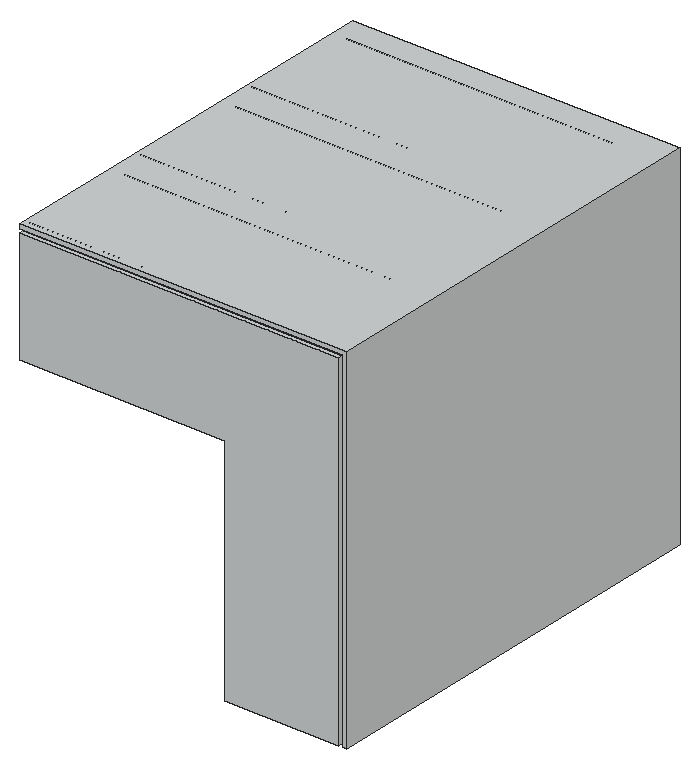
Revit family "Specialty_Equipment-Metal_Raceway-Hubbell_Wiring-External_Elbow-HBLALU7618", category Specialty Equipment, host Face, Revit 2015
Parameters (values of type "HBLALU7618")
  URL = "http://www.hubbell-wiring.com/"
  Product data url = "https://bimobject.com/hubbellpremisewiring/product/hubbell-metal-raceway-alu7620"
  Product Page URL = "http://ecatalog.hubbell-wiring.com/ProductInformation/ViewCatalog.aspx?Dest=hubbell-wiring.com/press/catalog/r.pdf"
  Product Documentation Link = "http://www.hubbell-wiring.com/press/pdfs/h5233r08.pdf"
  Model = "HBLALU7618"
  Manufacturer = "Hubbell Wiring Device Kellems"  # constant formula
  Host Note = "Add in Section View; Host to Wall"  # constant formula
  Description = "External Elbow"  # constant formula
  Default Elevation = 48.00"
  Cable Tray Material = Metal-Hubbell-Aluminum
  B = 5.98"
  A = 6.50"
Reference planes (in)
  plane 1 "Center (Front/Back)": y = 0
  plane 2: z = 0
  plane 3 "Center (Left/Right)": x = 0
  plane 4: x = 2.2302809
  plane 5: x = -3.7697191
  plane 6: y = 7.62
  plane 7: y = 5.08
  plane 8: y = 2.54
  plane 9: z = 2.2302809
  plane 10: z = -4.2697191
  plane 11: y = 7.62
Forms (in)
  Sweep 1, solid, material "Metal-Hubbell-Aluminum" <- "Cable Tray Material"
    path in 3D
      loop
        line (0, 0, -4.2697191) -> (0, 0, 0) -> (-3.7497191, 0, 0)
    profile origin (-1.8748596, 0, 0) x (0, 0, -1) y (0, -1, 0)
      loop
        arc (-2.1554684, -2.3339531) -> (-2.1178009, -2.3057496) -> (-2.0862629, -2.3406729) r 0.0349125
        line (-2.0862629, -2.3406729) -> (-1.9717866, -2.2261966) -> (-2.0756684, -2.2261966) -> (-2.0756684, -2.2581875) -> (-2.1554684, -2.2581875) -> (-2.1554684, -0.2743125) -> (-2.0756684, -0.2743125) -> (-2.0756684, -0.3063034) -> (-1.9717866, -0.3063034) -> (-2.0873901, -0.1906999)
        arc (-2.0873901, -0.1906999) -> (-2.1134973, -0.2335592) -> (-2.1554684, -0.2060469) r 0.0349125
        line (-2.1554684, -0.2060469) -> (-2.1554684, 0) -> (-2.2302809, 0) -> (-2.2302809, -3) -> (-2.2302809, -7.62) -> (-2.1560875, -7.62) -> (-2.1560875, -7.4204987)
        arc (-2.1560875, -7.4204987) -> (-2.1210878, -7.3855863) -> (-2.0862629, -7.4206729) r 0.0349125
        line (-2.0862629, -7.4206729) -> (-1.9717866, -7.3061966) -> (-2.0756684, -7.3061966) -> (-2.0756684, -7.3381875) -> (-2.1554684, -7.3381875) -> (-2.1554684, -5.3543125) -> (-2.0756684, -5.3543125) -> (-2.0756684, -5.3863034) -> (-1.9717866, -5.3863034) -> (-2.0873901, -5.2706999)
        arc (-2.0873901, -5.2706999) -> (-2.1134973, -5.3135592) -> (-2.1554684, -5.2860469) r 0.0349125
        line (-2.1554684, -5.2860469) -> (-2.1554684, -4.8739531)
        arc (-2.1554684, -4.8739531) -> (-2.1178009, -4.8457496) -> (-2.0862629, -4.8806729) r 0.0349125
        line (-2.0862629, -4.8806729) -> (-1.9717866, -4.7661966) -> (-2.0756684, -4.7661966) -> (-2.0756684, -4.7981875) -> (-2.1554684, -4.7981875) -> (-2.1554684, -2.8143125) -> (-2.0756684, -2.8143125) -> (-2.0756684, -2.8463034) -> (-1.9717866, -2.8463034) -> (-2.0873901, -2.7306999)
        arc (-2.0873901, -2.7306999) -> (-2.1134973, -2.7735592) -> (-2.1554684, -2.7460469) r 0.0349125
        line (-2.1554684, -2.7460469) -> (-2.1554684, -2.3339531)
      loop
        line (-0.2306719, -0.0748125) -> (-0.2306719, -0.1134656)
        arc (-0.2306719, -0.1134656) -> (-0.1995, -0.1446375) -> (-0.1683281, -0.1134656) r 0.0311719
        line (-0.1683281, -0.1134656) -> (-0.1683281, -0.0748125) -> (-0.0973833, -0.0748125)
        arc (-0.0973833, -0.0748125) -> (-0.0635271, -0.0635271) -> (-0.0748125, -0.0973833) r 0.01995
        line (-0.0748125, -0.0973833) -> (-0.0748125, -2.4351167)
        arc (-0.0748125, -2.4351167) -> (-0.0642962, -2.4682038) -> (-0.0973833, -2.4576875) r 0.0195469
        line (-0.0973833, -2.4576875) -> (-0.1683281, -2.4576875) -> (-0.1683281, -2.4190344)
        arc (-0.1683281, -2.4190344) -> (-0.1995, -2.3878625) -> (-0.2306719, -2.4190344) r 0.0311719
        line (-0.2306719, -2.4190344) -> (-0.2306719, -2.4576875) -> (-1.9758859, -2.4576875)
        arc (-1.9758859, -2.4576875) -> (-1.9877686, -2.3891937) -> (-2.0498625, -2.3579375) r 0.0773063
        line (-2.0498625, -2.3579375) -> (-2.1002856, -2.3579375)
        arc (-2.1002856, -2.3579375) -> (-2.1176071, -2.3188364) -> (-2.1488994, -2.3479864) r 0.0262527
        arc (-2.1488994, -2.3479864) -> (-2.1212783, -2.3996478) -> (-2.0664504, -2.4202813) r 0.0831621
        line (-2.0664504, -2.4202813) -> (-2.0349, -2.4202813) -> (-2.0349, -2.482625) -> (-2.09475, -2.482625) -> (-2.09475, -2.54) -> (-2.09475, -2.589875) -> (-2.0349, -2.589875) -> (-2.0349, -2.6522187) -> (-2.0664504, -2.6522187)
        arc (-2.0664504, -2.6522187) -> (-2.1212234, -2.6728041) -> (-2.1488802, -2.7243691) r 0.0831621
        arc (-2.1488802, -2.7243691) -> (-2.1177064, -2.7535409) -> (-2.1002856, -2.7145625) r 0.0262183
        line (-2.1002856, -2.7145625) -> (-2.0498625, -2.7145625)
        arc (-2.0498625, -2.7145625) -> (-1.9877686, -2.6833063) -> (-1.9758859, -2.6148125) r 0.0773063
        line (-1.9758859, -2.6148125) -> (-0.2306719, -2.6148125) -> (-0.2306719, -2.6534656)
        arc (-0.2306719, -2.6534656) -> (-0.1995, -2.6846375) -> (-0.1683281, -2.6534656) r 0.0311719
        line (-0.1683281, -2.6534656) -> (-0.1683281, -2.6148125) -> (-0.0973833, -2.6148125)
        arc (-0.0973833, -2.6148125) -> (-0.0635271, -2.6035271) -> (-0.0748125, -2.6373833) r 0.01995
        line (-0.0748125, -2.6373833) -> (-0.0748125, -4.9751167)
        arc (-0.0748125, -4.9751167) -> (-0.0642962, -5.0082038) -> (-0.0973833, -4.9976875) r 0.0195469
        line (-0.0973833, -4.9976875) -> (-0.1683281, -4.9976875) -> (-0.1683281, -4.9590344)
        arc (-0.1683281, -4.9590344) -> (-0.1995, -4.9278625) -> (-0.2306719, -4.9590344) r 0.0311719
        line (-0.2306719, -4.9590344) -> (-0.2306719, -4.9976875) -> (-1.9758859, -4.9976875)
        arc (-1.9758859, -4.9976875) -> (-1.9877686, -4.9291937) -> (-2.0498625, -4.8979375) r 0.0773063
        line (-2.0498625, -4.8979375) -> (-2.1002856, -4.8979375)
        arc (-2.1002856, -4.8979375) -> (-2.1176071, -4.8588364) -> (-2.1488994, -4.8879864) r 0.0262527
        arc (-2.1488994, -4.8879864) -> (-2.1212783, -4.9396478) -> (-2.0664504, -4.9602813) r 0.0831621
        line (-2.0664504, -4.9602813) -> (-2.0349, -4.9602813) -> (-2.0349, -5.022625) -> (-2.09475, -5.022625) -> (-2.09475, -5.08) -> (-2.09475, -5.129875) -> (-2.0349, -5.129875) -> (-2.0349, -5.1922187) -> (-2.0664504, -5.1922187)
        arc (-2.0664504, -5.1922187) -> (-2.1212234, -5.2128041) -> (-2.1488802, -5.2643691) r 0.0831621
        arc (-2.1488802, -5.2643691) -> (-2.1177064, -5.2935409) -> (-2.1002856, -5.2545625) r 0.0262183
        line (-2.1002856, -5.2545625) -> (-2.0498625, -5.2545625)
        arc (-2.0498625, -5.2545625) -> (-1.9877686, -5.2233063) -> (-1.9758859, -5.1548125) r 0.0773063
        line (-1.9758859, -5.1548125) -> (-0.2306719, -5.1548125) -> (-0.2306719, -5.1934656)
        arc (-0.2306719, -5.1934656) -> (-0.1995, -5.2246375) -> (-0.1683281, -5.1934656) r 0.0311719
        line (-0.1683281, -5.1934656) -> (-0.1683281, -5.1548125) -> (-0.0973833, -5.1548125)
        arc (-0.0973833, -5.1548125) -> (-0.0635271, -5.1435271) -> (-0.0748125, -5.1773833) r 0.01995
        line (-0.0748125, -5.1773833) -> (-0.0748125, -7.5151167)
        arc (-0.0748125, -7.5151167) -> (-0.0642962, -7.5482038) -> (-0.0973833, -7.5376875) r 0.0195469
        line (-0.0973833, -7.5376875) -> (-0.1683281, -7.5376875) -> (-0.1683281, -7.4990344)
        arc (-0.1683281, -7.4990344) -> (-0.1995, -7.4678625) -> (-0.2306719, -7.4990344) r 0.0311719
        line (-0.2306719, -7.4990344) -> (-0.2306719, -7.5376875) -> (-1.9758859, -7.5376875)
        arc (-1.9758859, -7.5376875) -> (-1.9877686, -7.4691937) -> (-2.0498625, -7.4379375) r 0.0773063
        line (-2.0498625, -7.4379375) -> (-2.1002856, -7.4379375)
        arc (-2.1002856, -7.4379375) -> (-2.1176071, -7.3988364) -> (-2.1488994, -7.4279864) r 0.0262527
        arc (-2.1488994, -7.4279864) -> (-2.1212783, -7.4796478) -> (-2.0664504, -7.5002813) r 0.0831621
        line (-2.0664504, -7.5002813) -> (-2.0349, -7.5002813) -> (-2.0349, -7.562625) -> (-2.09475, -7.562625) -> (-2.09475, -7.62) -> (0, -7.62) -> (0, -3) -> (0, 0) -> (-2.09475, 0) -> (-2.09475, -0.049875) -> (-2.0349, -0.049875) -> (-2.0349, -0.1122187) -> (-2.0664504, -0.1122187)
        arc (-2.0664504, -0.1122187) -> (-2.1212234, -0.1328041) -> (-2.1488802, -0.1843691) r 0.0831621
        arc (-2.1488802, -0.1843691) -> (-2.1177064, -0.2135409) -> (-2.1002856, -0.1745625) r 0.0262183
        line (-2.1002856, -0.1745625) -> (-2.0498625, -0.1745625)
        arc (-2.0498625, -0.1745625) -> (-1.9877686, -0.1433063) -> (-1.9758859, -0.0748125) r 0.0773063
        line (-1.9758859, -0.0748125) -> (-0.2306719, -0.0748125)
Lines and regions (in)
  reference lines
    curve 1: line (0, 0, -4.2697191) -> (0, 0, 0)
    curve 2: line (0, 0, 0) -> (-3.7497191, 0, 0)
    curve 3: line (0, 0, 2.09475) -> (0, 0, 0)
    curve 4: line (0, 0, 0) -> (0, 3, 0)
    curve 5: line (0, 3, 0) -> (0, 6, 0)
    curve 6: line (0, 6, 0) -> (0, 6, 2.09475)
    curve 7: line (0, 6, 2.09475) -> (0, 5.942625, 2.09475)
    curve 8: line (0, 5.942625, 2.09475) -> (0, 5.942625, 2.0349)
    curve 9: line (0, 5.942625, 2.0349) -> (0, 5.8802812, 2.0349)
    curve 10: line (0, 5.8802812, 2.0349) -> (0, 5.8802812, 2.0664504)
    curve 11: arc (0, 5.8802812, 2.0664504) -> (0, 5.8596478, 2.1212783) -> (0, 5.8079864, 2.1488994) r 0.0831621
    curve 12: arc (0, 5.8079864, 2.1488994) -> (0, 5.7788364, 2.1176071) -> (0, 5.8179375, 2.1002856) r 0.0262527
    curve 13: line (0, 5.8179375, 2.1002856) -> (0, 5.8179375, 2.0498625)
    curve 14: arc (0, 5.8179375, 2.0498625) -> (0, 5.8491937, 1.9877686) -> (0, 5.9176875, 1.9758859) r 0.0773063
    curve 15: line (0, 5.9176875, 1.9758859) -> (0, 5.9176875, 0.2306719)
    curve 16: line (0, 5.9176875, 0.2306719) -> (0, 5.8790344, 0.2306719)
    curve 17: arc (0, 5.8790344, 0.2306719) -> (0, 5.8478625, 0.1995) -> (0, 5.8790344, 0.1683281) r 0.0311719
    curve 18: line (0, 5.8790344, 0.1683281) -> (0, 5.9176875, 0.1683281)
    curve 19: line (0, 5.9176875, 0.1683281) -> (0, 5.9176875, 0.0973833)
    curve 20: arc (0, 5.9176875, 0.0973833) -> (0, 5.9282038, 0.0642962) -> (0, 5.8951167, 0.0748125) r 0.0195469
    curve 21: line (0, 5.8951167, 0.0748125) -> (0, 3.0973833, 0.0748125)
    curve 22: arc (0, 3.0973833, 0.0748125) -> (0, 3.0635271, 0.0635271) -> (0, 3.0748125, 0.0973833) r 0.01995
    curve 23: line (0, 3.0748125, 0.0973833) -> (0, 3.0748125, 0.1683281)
    curve 24: line (0, 3.0748125, 0.1683281) -> (0, 3.1134656, 0.1683281)
    curve 25: arc (0, 3.1134656, 0.1683281) -> (0, 3.1446375, 0.1995) -> (0, 3.1134656, 0.2306719) r 0.0311719
    curve 26: line (0, 3.1134656, 0.2306719) -> (0, 3.0748125, 0.2306719)
    curve 27: line (0, 3.0748125, 0.2306719) -> (0, 3.0748125, 1.9758859)
    curve 28: arc (0, 3.0748125, 1.9758859) -> (0, 3.1433063, 1.9877686) -> (0, 3.1745625, 2.0498625) r 0.0773063
    curve 29: line (0, 3.1745625, 2.0498625) -> (0, 3.1745625, 2.1002856)
    curve 30: arc (0, 3.1745625, 2.1002856) -> (0, 3.2135409, 2.1177064) -> (0, 3.1843691, 2.1488802) r 0.0262183
    curve 31: arc (0, 3.1843691, 2.1488802) -> (0, 3.1328041, 2.1212234) -> (0, 3.1122187, 2.0664504) r 0.0831621
    curve 32: line (0, 3.1122187, 2.0664504) -> (0, 3.1122187, 2.0349)
    curve 33: line (0, 3.1122187, 2.0349) -> (0, 3.049875, 2.0349)
    curve 34: line (0, 3.049875, 2.0349) -> (0, 3.049875, 2.09475)
    curve 35: line (0, 3.049875, 2.09475) -> (0, 3, 2.09475)
    curve 36: line (0, 3, 2.09475) -> (0, 2.942625, 2.09475)
    curve 37: line (0, 2.942625, 2.09475) -> (0, 2.942625, 2.0349)
    curve 38: line (0, 2.942625, 2.0349) -> (0, 2.8802812, 2.0349)
    curve 39: line (0, 2.8802812, 2.0349) -> (0, 2.8802812, 2.0664504)
    curve 40: arc (0, 2.8802812, 2.0664504) -> (0, 2.8596478, 2.1212783) -> (0, 2.8079864, 2.1488994) r 0.0831621
    curve 41: arc (0, 2.8079864, 2.1488994) -> (0, 2.7788364, 2.1176071) -> (0, 2.8179375, 2.1002856) r 0.0262527
    curve 42: line (0, 2.8179375, 2.1002856) -> (0, 2.8179375, 2.0498625)
    curve 43: arc (0, 2.8179375, 2.0498625) -> (0, 2.8491937, 1.9877686) -> (0, 2.9176875, 1.9758859) r 0.0773063
    curve 44: line (0, 2.9176875, 1.9758859) -> (0, 2.9176875, 0.2306719)
    curve 45: line (0, 2.9176875, 0.2306719) -> (0, 2.8790344, 0.2306719)
    curve 46: arc (0, 2.8790344, 0.2306719) -> (0, 2.8478625, 0.1995) -> (0, 2.8790344, 0.1683281) r 0.0311719
    curve 47: line (0, 2.8790344, 0.1683281) -> (0, 2.9176875, 0.1683281)
    curve 48: line (0, 2.9176875, 0.1683281) -> (0, 2.9176875, 0.0973833)
    curve 49: arc (0, 2.9176875, 0.0973833) -> (0, 2.9282038, 0.0642962) -> (0, 2.8951167, 0.0748125) r 0.0195469
    curve 50: line (0, 2.8951167, 0.0748125) -> (0, 0.0973833, 0.0748125)
    curve 51: arc (0, 0.0973833, 0.0748125) -> (0, 0.0635271, 0.0635271) -> (0, 0.0748125, 0.0973833) r 0.01995
    curve 52: line (0, 0.0748125, 0.0973833) -> (0, 0.0748125, 0.1683281)
    curve 53: line (0, 0.0748125, 0.1683281) -> (0, 0.1134656, 0.1683281)
    curve 54: arc (0, 0.1134656, 0.1683281) -> (0, 0.1446375, 0.1995) -> (0, 0.1134656, 0.2306719) r 0.0311719
    curve 55: line (0, 0.1134656, 0.2306719) -> (0, 0.0748125, 0.2306719)
    curve 56: line (0, 0.0748125, 0.2306719) -> (0, 0.0748125, 1.9758859)
    curve 57: arc (0, 0.0748125, 1.9758859) -> (0, 0.1433063, 1.9877686) -> (0, 0.1745625, 2.0498625) r 0.0773063
    curve 58: line (0, 0.1745625, 2.0498625) -> (0, 0.1745625, 2.1002856)
    curve 59: arc (0, 0.1745625, 2.1002856) -> (0, 0.2135409, 2.1177064) -> (0, 0.1843691, 2.1488802) r 0.0262183
    curve 60: arc (0, 0.1843691, 2.1488802) -> (0, 0.1328041, 2.1212234) -> (0, 0.1122187, 2.0664504) r 0.0831621
    curve 61: line (0, 0.1122187, 2.0664504) -> (0, 0.1122187, 2.0349)
    curve 62: line (0, 0.1122187, 2.0349) -> (0, 0.049875, 2.0349)
    curve 63: line (0, 0.049875, 2.0349) -> (0, 0.049875, 2.09475)
    curve 64: line (0, 0.049875, 2.09475) -> (0, 0, 2.09475)
    curve 65: line (0, 3, 2.1554684) -> (0, 3.2060469, 2.1554684)
    curve 66: arc (0, 3.2060469, 2.1554684) -> (0, 3.2335592, 2.1134973) -> (0, 3.1906999, 2.0873901) r 0.0349125
    curve 67: line (0, 3.1906999, 2.0873901) -> (0, 3.3063034, 1.9717866)
    curve 68: line (0, 3.3063034, 1.9717866) -> (0, 3.3063034, 2.0756684)
    curve 69: line (0, 3.3063034, 2.0756684) -> (0, 3.2743125, 2.0756684)
    curve 70: line (0, 3.2743125, 2.0756684) -> (0, 3.2743125, 2.1554684)
    curve 71: line (0, 3.2743125, 2.1554684) -> (0, 5.7181875, 2.1554684)
    curve 72: line (0, 5.7181875, 2.1554684) -> (0, 5.7181875, 2.0756684)
    curve 73: line (0, 5.7181875, 2.0756684) -> (0, 5.6861966, 2.0756684)
    curve 74: line (0, 5.6861966, 2.0756684) -> (0, 5.6861966, 1.9717866)
    curve 75: line (0, 5.6861966, 1.9717866) -> (0, 5.8006729, 2.0862629)
    curve 76: arc (0, 5.8006729, 2.0862629) -> (0, 5.7655863, 2.1210878) -> (0, 5.8004987, 2.1560875) r 0.0349125
    curve 77: line (0, 5.8004987, 2.1560875) -> (0, 6, 2.1560875)
    curve 78: line (0, 6, 2.1560875) -> (0, 6, 2.2302809)
    curve 79: line (0, 6, 2.2302809) -> (0, 3, 2.2302809)
    curve 80: line (0, 3, 2.2302809) -> (0, 0, 2.2302809)
    curve 81: line (0, 0, 2.2302809) -> (0, 0, 2.1554684)
    curve 82: line (0, 0, 2.1554684) -> (0, 0.2060469, 2.1554684)
    curve 83: arc (0, 0.2060469, 2.1554684) -> (0, 0.2335592, 2.1134973) -> (0, 0.1906999, 2.0873901) r 0.0349125
    curve 84: line (0, 0.1906999, 2.0873901) -> (0, 0.3063034, 1.9717866)
    curve 85: line (0, 0.3063034, 1.9717866) -> (0, 0.3063034, 2.0756684)
    curve 86: line (0, 0.3063034, 2.0756684) -> (0, 0.2743125, 2.0756684)
    curve 87: line (0, 0.2743125, 2.0756684) -> (0, 0.2743125, 2.1554684)
    curve 88: line (0, 0.2743125, 2.1554684) -> (0, 2.7181875, 2.1554684)
    curve 89: line (0, 2.7181875, 2.1554684) -> (0, 2.7181875, 2.0756684)
    curve 90: line (0, 2.7181875, 2.0756684) -> (0, 2.6861966, 2.0756684)
    curve 91: line (0, 2.6861966, 2.0756684) -> (0, 2.6861966, 1.9717866)
    curve 92: line (0, 2.6861966, 1.9717866) -> (0, 2.8006729, 2.0862629)
    curve 93: arc (0, 2.8006729, 2.0862629) -> (0, 2.7655863, 2.1210878) -> (0, 2.8004987, 2.1560875) r 0.0349125
    curve 94: line (0, 2.8004987, 2.1560875) -> (0, 3, 2.1560875)
  sketch lines
    curve 95: line (0, 0, 0) -> (-3.7497191, 0, 0)
    curve 96: line (0, 0, -4.2697191) -> (0, 0, 0)
  symbolic lines, style "Symbolic Lines"
    curve 97: line (-3.7497191, 0, 0) -> (2.2302809, 0, 0)
    curve 98: line (-3.7497191, 7.62, 0) -> (-3.7497191, 0, 0)
    curve 99: line (2.2302809, 7.62, 0) -> (-3.7497191, 7.62, 0)
    curve 100: line (2.2302809, 0, 0) -> (2.2302809, 7.62, 0)
    curve 107: line (0, 7.62, -4.2697191) -> (0, 0, -4.2697191)
    curve 108: line (0, 7.62, 2.2302809) -> (0, 7.62, -4.2697191)
    curve 109: line (0, 0, 2.2302809) -> (0, 7.62, 2.2302809)
    curve 110: line (0, 0, -4.2697191) -> (0, 0, 2.2302809)
  symbolic lines
    curve 101: line (2.2302809, 0, 2.2302809) -> (2.2302809, 0, -4.2697191)
    curve 102: line (-3.7497191, 0, 2.2302809) -> (2.2302809, 0, 2.2302809)
    curve 103: line (-3.7497191, 0, 0) -> (-3.7497191, 0, 2.2302809)
    curve 104: line (2.2302809, 0, -4.2697191) -> (0, 0, -4.2697191)
    curve 105: line (0, 0, -4.2697191) -> (0, 0, 0)
    curve 106: line (0, 0, 0) -> (-3.7497191, 0, 0)
  symbolic lines, style "Symbolic Lines", detail levels medium+fine
    curve 111: line (0, 7.62, 0) -> (0, 0, 0)
    curve 112: line (0, 5.022625, 0) -> (2.2302809, 5.022625, 0)
    curve 113: line (0, 2.482625, 0) -> (2.2302809, 2.482625, 0)
    curve 114: line (0, 0, 0) -> (0, 7.62, 0)
    curve 115: line (0, 4.9976875, 2.2302809) -> (0, 4.9976875, 0)
    curve 116: line (0, 2.4576875, 2.2302809) -> (0, 2.4576875, 0)
Dimensions and locks (in)
  "A": curve 80 to curve 1
  "B": curve 2 to plane 4
  equal spacing: plane 1 "Center (Front/Back)", plane 8, plane 7, plane 6
  aligned and locked: plane 2 to host face
  aligned and locked: level to host face
  aligned and locked: Sweep 1 sketch curve to curve 83
  aligned and locked: Sweep 1 sketch curve to curve 57
  aligned and locked: Sweep 1 sketch curve to curve 59
  aligned and locked: Sweep 1 sketch curve to curve 60
  aligned and locked: Sweep 1 sketch curve to curve 51
  aligned and locked: Sweep 1 sketch curve to curve 54
  aligned and locked: curve 97 to Sweep 1
  aligned and locked: curve 98 to Sweep 1
  aligned and locked: curve 99 to Sweep 1
  aligned and locked: curve 100 to Sweep 1
  aligned and locked: plane 4 to curve 101
  aligned and locked: curve 102 to Sweep 1
  aligned and locked: curve 103 to Sweep 1
  aligned and locked: level to curve 106
  aligned and locked: plane 3 "Center (Left/Right)" to curve 105
  aligned and locked: curve 104 to curve 1
  aligned and locked: curve 107 to Sweep 1
  aligned and locked: curve 108 to Sweep 1
  aligned and locked: curve 109 to Sweep 1
  aligned and locked: curve 110 to Sweep 1
  aligned and locked: host face to Sweep 1
  aligned and locked: Sweep 1 sketch curve to plane 6
  aligned and locked: Sweep 1 sketch curve to Sweep 1 sketch curve  (x3)
  aligned and locked: curve 111 to Sweep 1
  aligned and locked: Sweep 1 to curve 112
  aligned and locked: Sweep 1 to curve 113
  aligned and locked: curve 114 to Sweep 1
  aligned and locked: curve 115 to Sweep 1
  aligned and locked: curve 116 to Sweep 1
  aligned and locked: plane 9 to Sweep 1
  aligned and locked: plane 10 to Sweep 1
  aligned and locked: plane 11 to Sweep 1
Automatic sketch dimensions
  host sketch curve to host sketch curve = 18.68234"
  host sketch curve to host sketch curve = 35.07725"
  curve 3 to plane 1 "Center (Front/Back)" = 0.00"
  curve 81 to plane 1 "Center (Front/Back)" = 0.00"
  curve 4 to level = 0.00"
  curve 3 to curve 63 = 0.04987"
  curve 53 to plane 1 "Center (Front/Back)" = 0.07481"
  curve 55 to curve 52 = 0.00"
  curve 51 to curve 51 = 0.00282"
  curve 62 to curve 57 = 0.04738"
  curve 51 to curve 51 = 0.01975"
  curve 57 to curve 60 = 0.01496"
  curve 52 to curve 53 = 0.03865"
  curve 61 to curve 58 = 0.06234"
  curve 58 to curve 59 = 0.00981"
  curve 60 to curve 59 = 0.00"
  curve 60 to curve 59 = 0.00347"
  curve 59 to curve 84 = 0.01614"
  curve 83 to curve 60 = 0.00468"
  curve 59 to curve 83 = 0.01166"
  curve 59 to curve 82 = 0.02168"
  curve 83 to curve 88 = 0.06827"
  curve 86 to curve 85 = 0.03199"
  curve 84 to curve 91 = 2.37989"
  curve 90 to curve 89 = 0.03199"
  curve 89 to curve 40 = 0.07893"
  curve 40 to curve 93 = 0.00338"
  level to curve 92 = 2.08626"
  curve 40 to curve 92 = 0.00355"
  curve 93 to curve 41 = 0.00406"
  curve 93 to curve 41 = 0.00749"
  curve 40 to curve 41 = 0.00"
  curve 92 to curve 41 = 0.01726"
  level to curve 46 = 0.23067"
  curve 91 to curve 46 = 0.19284"
  curve 42 to curve 40 = 0.06234"
  curve 47 to curve 50 = 0.01608"
  curve 38 to curve 43 = 0.01496"
  curve 49 to curve 49 = 0.01927"
  curve 49 to curve 49 = 0.00331"  (x2)
  curve 45 to curve 45 = 0.03865"
  curve 43 to curve 37 = 0.04738"
  curve 36 to curve 36 = 0.05737"
  curve 49 to curve 4 = 0.08562"
  curve 80 to curve 35 = 0.00"
  curve 94 to curve 35 = 0.00"
  curve 65 to curve 94 = 0.00"
  curve 35 to curve 34 = 0.04987"
  curve 4 to curve 22 = 0.07481"
  curve 26 to curve 23 = 0.00"
  curve 22 to curve 22 = 0.00282"
  curve 33 to curve 28 = 0.04738"
  curve 22 to curve 22 = 0.01975"
  curve 28 to curve 31 = 0.01496"
  curve 26 to curve 25 = 0.03865"
  curve 31 to curve 29 = 0.06234"
  curve 29 to curve 31 = 0.00981"
  curve 30 to curve 31 = 0.00"
  curve 31 to curve 30 = 0.00347"
  curve 29 to curve 67 = 0.01614"
  curve 67 to curve 31 = 0.00468"
  curve 30 to curve 66 = 0.01166"
  curve 31 to curve 65 = 0.02168"
  curve 31 to curve 69 = 0.07893"
  curve 69 to curve 68 = 0.03199"
  curve 68 to curve 73 = 2.37989"
  curve 73 to curve 71 = 0.03199"
  curve 72 to curve 11 = 0.07893"
  curve 71 to curve 77 = 0.08231"
  level to curve 75 = 2.08626"
  curve 11 to curve 75 = 0.00355"
  curve 76 to curve 12 = 0.00406"
  curve 76 to curve 11 = 0.00749"
  curve 12 to curve 11 = 0.00"
  curve 76 to curve 12 = 0.01726"
  level to curve 18 = 0.16833"
  curve 74 to curve 18 = 0.19284"
  curve 13 to curve 10 = 0.06234"
  curve 18 to curve 20 = 0.01608"
  curve 9 to curve 14 = 0.01496"  (x2)
  curve 20 to curve 20 = 0.01927"
  curve 20 to curve 20 = 0.00331"  (x2)
  curve 9 to curve 15 = 0.03741"
  curve 14 to curve 9 = 0.04738"
  curve 7 to curve 78 = 0.05737"
  curve 7 to curve 7 = 0.05737"
  level to curve 21 = 0.07481"
  level to curve 51 = 0.07481"
  curve 21 to curve 22 = 0.00282"
  curve 50 to curve 51 = 0.00282"
  curve 22 to curve 24 = 0.07094"
  curve 51 to curve 53 = 0.07094"
  curve 47 to curve 45 = 0.06234"
  curve 54 to curve 54 = 0.03117"
  curve 17 to curve 17 = 0.03117"
  curve 24 to curve 25 = 0.03117"
  curve 92 to curve 93 = 0.11448"
  curve 67 to curve 92 = 0.11448"
  curve 54 to curve 85 = 1.74111"
  curve 74 to curve 75 = 0.11448"
  curve 67 to curve 27 = 0.0041"
  curve 84 to curve 56 = 0.0041"
  curve 44 to curve 28 = 0.00"
  curve 14 to curve 75 = 0.11038"
  curve 37 to curve 43 = 0.01496"
  curve 62 to curve 57 = 0.01496"
  curve 34 to curve 28 = 0.01496"
  curve 11 to curve 75 = 0.01981"
  curve 57 to curve 61 = 0.01659"
  curve 28 to curve 31 = 0.01659"
  curve 43 to curve 40 = 0.01659"
  curve 84 to curve 86 = 0.10388"
  curve 31 to curve 70 = 0.00922"
  curve 74 to curve 74 = 0.10388"
  curve 40 to curve 89 = 0.00922"
  curve 84 to curve 59 = 0.0129"
  curve 66 to curve 29 = 0.0129"
  curve 62 to curve 64 = 0.05985"
  curve 33 to curve 35 = 0.05985"
  curve 8 to curve 8 = 0.05985"
  curve 93 to curve 41 = 0.0017"
  curve 66 to curve 30 = 0.00172"
  curve 83 to curve 59 = 0.00172"
  curve 76 to curve 12 = 0.0017"
  curve 65 to curve 70 = 0.00"
  curve 89 to curve 89 = 0.0798"
  curve 77 to curve 79 = 0.07419"
  Sweep 1 sketch curve to profile plane = 0.00"  (x3)
  Sweep 1 sketch curve to plane 8 = 0.00"
  Sweep 1 sketch curve to plane 7 = 0.00"
  Sweep 1 sketch curve to plane 8 = 0.18437"
  profile plane to Sweep 1 sketch curve = 2.14888"  (x2)
  Sweep 1 sketch curve to plane 7 = 0.18437"
  plane 8 to Sweep 1 sketch curve = 0.19201"
  Sweep 1 sketch curve to Sweep 1 sketch curve = 0.00002"  (x2)
  plane 6 to Sweep 1 sketch curve = 0.19201"
  profile plane to Sweep 1 sketch curve = 2.1489"
  Sweep 1 sketch curve to Sweep 1 sketch curve = 0.00"  (x9)
  Sweep 1 sketch curve to Sweep 1 sketch curve = 0.00659"  (x2)
  Sweep 1 sketch curve to Sweep 1 sketch curve = 0.00657"  (x2)
  Sweep 1 sketch curve to Sweep 1 sketch curve = 0.00719"
  Sweep 1 sketch curve to Sweep 1 sketch curve = 0.07481"
  Sweep 1 sketch curve to Sweep 1 sketch curve = 0.02599"  (x2)
  Sweep 1 sketch curve to Sweep 1 sketch curve = 0.02603"  (x3)
  Sweep 1 sketch curve to Sweep 1 sketch curve = 0.00172"  (x2)
  Sweep 1 sketch curve to Sweep 1 sketch curve = 0.0017"  (x3)
  Sweep 1 sketch curve to Sweep 1 sketch curve = 0.02259"  (x3)
  Sweep 1 sketch curve to Sweep 1 sketch curve = 0.02261"  (x2)
  Sweep 1 sketch curve to Sweep 1 sketch curve = 0.06134"
  Sweep 1 sketch curve to Sweep 1 sketch curve = 0.04489"
  Sweep 1 sketch curve to Sweep 1 sketch curve = 0.0129"  (x3)
  plane 6 to Sweep 1 sketch curve = 0.19933"
  Sweep 1 sketch curve to Sweep 1 sketch curve = 0.01402"  (x3)
  plane 7 to Sweep 1 sketch curve = 0.19933"
  plane 8 to Sweep 1 sketch curve = 0.19933"
  Sweep 1 sketch curve to Sweep 1 sketch curve = 0.00922"
  Sweep 1 sketch curve to Sweep 1 sketch curve = 0.0798"  (x5)
  Sweep 1 sketch curve to Sweep 1 sketch curve = 0.0283"  (x4)
  Sweep 1 sketch curve to Sweep 1 sketch curve = 0.02094"
  Sweep 1 sketch curve to Sweep 1 sketch curve = 0.01659"  (x5)
  Sweep 1 sketch curve to Sweep 1 sketch curve = 0.01496"  (x8)
  Sweep 1 sketch curve to Sweep 1 sketch curve = 0.05901"  (x6)
  Sweep 1 sketch curve to Sweep 1 sketch curve = 0.10388"  (x6)
  plane 6 to Sweep 1 sketch curve = 0.3138"
  plane 7 to Sweep 1 sketch curve = 0.3138"
  Sweep 1 sketch curve to plane 7 = 0.07481"
  profile plane to Sweep 1 sketch curve = 0.23067"  (x2)
  Sweep 1 sketch curve to plane 8 = 0.11347"
  Sweep 1 sketch curve to Sweep 1 sketch curve = 0.03117"  (x5)
  Sweep 1 sketch curve to Sweep 1 sketch curve = 0.07094"  (x5)
  Sweep 1 sketch curve to Sweep 1 sketch curve = 0.01975"  (x5)
  Sweep 1 sketch curve to Sweep 1 sketch curve = 0.01927"  (x3)
  Sweep 1 sketch curve to Sweep 1 sketch curve = 0.00282"  (x3)
  Sweep 1 sketch curve to Sweep 1 sketch curve = 0.05737"
  Sweep 1 sketch curve to Sweep 1 sketch curve = 0.02494"  (x2)
  plane 6 to Sweep 1 sketch curve = 0.08231"
  Sweep 1 sketch curve to Sweep 1 sketch curve = 0.00331"  (x3)
  Sweep 1 sketch curve to Sweep 1 sketch curve = 0.04738"  (x5)
  Sweep 1 sketch curve to Sweep 1 sketch curve = 0.03865"  (x4)
  Sweep 1 sketch curve to Sweep 1 sketch curve = 0.08231"
  Sweep 1 sketch curve to Sweep 1 sketch curve = 0.12193"  (x2)
  Sweep 1 sketch curve to Sweep 1 sketch curve = 0.03199"  (x3)
  Sweep 1 sketch curve to Sweep 1 sketch curve = 0.02168"  (x2)
  Sweep 1 sketch curve to Sweep 1 sketch curve = 0.01513"  (x2)
  Sweep 1 sketch curve to Sweep 1 sketch curve = 0.00468"  (x2)
  Sweep 1 sketch curve to Sweep 1 sketch curve = 0.01608"  (x2)
  Sweep 1 sketch curve to Sweep 1 sketch curve = 0.04987"
  plane 7 to Sweep 1 sketch curve = 0.05737"
  plane 7 to Sweep 1 sketch curve = 0.08231"
  Sweep 1 sketch curve to Sweep 1 sketch curve = 0.00406"  (x2)
  Sweep 1 sketch curve to Sweep 1 sketch curve = 0.07577"  (x2)
  Sweep 1 sketch curve to Sweep 1 sketch curve = 0.34653"
  Sweep 1 sketch curve to Sweep 1 sketch curve = 0.27563"
  plane 8 to Sweep 1 sketch curve = 0.05737"
  plane 8 to Sweep 1 sketch curve = 0.08231"
  Sweep 1 sketch curve to Sweep 1 sketch curve = 0.11092"
  Sweep 1 sketch curve to Sweep 1 sketch curve = 0.06827"
  Sweep 1 sketch curve to Sweep 1 sketch curve = 0.00554"
  Sweep 1 sketch curve to Sweep 1 sketch curve = 0.05985"
  curve 2 to level = 0.00"
  curve 2 to plane 3 "Center (Left/Right)" = 0.00"
